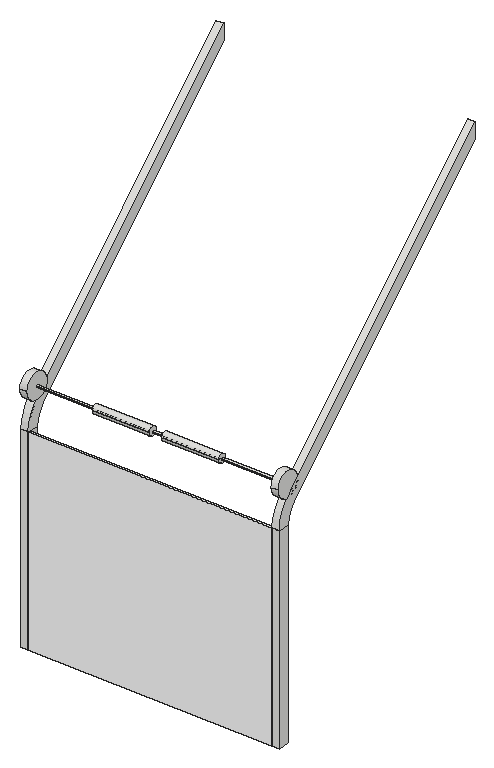
Revit family "Cruiserweight-NI-XLT-1212P", category Generic Models, host Wall, Revit 2026
Family settings
  Host = Wall
  Can host rebar = No
  Round Connector Dimension = Use Diameter
  Part Type = Normal
  Always vertical = Yes
  Cut with Voids When Loaded = Yes
  Maintain Annotation Orientation = No
  Shared = No
  Room Calculation Point = No
Parameters (values of type "10' x 8'")
  VerticalTrack = TrackHeight - (1' 6")  # 8' - 0"
  Type Comments = "Non-Insulated"  # constant formula
  TrackWidth = 0' - 3 1/2"
  TrackHeight = OpeningHeight + HeadRoom  # 9' - 6"
  TrackDepth = 0' - 5 3/8"
  PanelSize = 2' - 0"  # constant formula
  OpeningWidth = 10' - 0"
  OpeningHeight = 8' - 0"
  Model = "Cruiserweight"  # constant formula
  Manufacturer = "TKO"  # constant formula
  HorizTrack = OpeningHeight - HeadRoom + 2' 0"  # 8' - 6"
  HeadRoom = 1' - 6"  # constant formula
  DoorThk = 0' - 0 3/4"  # constant formula
  Description = "Sectional Door"  # constant formula
  Default Elevation = 0' - 0"
Types (10): name | VerticalTrack | TrackHeight | OpeningWidth | OpeningHeight | HorizTrack
  (no name) | 8' - 0" | 9' - 6" | 10' - 0" | 8' - 0" | 8' - 6"
  8' x 10' | 10' - 0" | 11' - 6" | 8' - 0" | 10' - 0" | 10' - 6"
  9' x 10' | 10' - 0" | 11' - 6" | 9' - 0" | 10' - 0" | 10' - 6"
  10' x 10' | 10' - 0" | 11' - 6" | 10' - 0" | 10' - 0" | 10' - 6"
  10' x 8' | 8' - 0" | 9' - 6" | 10' - 0" | 8' - 0" | 8' - 6"
  10' x 9' | 9' - 0" | 10' - 6" | 10' - 0" | 9' - 0" | 9' - 6"
  8' x 9' | 9' - 0" | 10' - 6" | 8' - 0" | 9' - 0" | 9' - 6"
  8' x 8' | 8' - 0" | 9' - 6" | 8' - 0" | 8' - 0" | 8' - 6"
  9' x 9' | 9' - 0" | 10' - 6" | 9' - 0" | 9' - 0" | 9' - 6"
  9' x 8' | 9' - 0" | 10' - 6" | 9' - 0" | 9' - 0" | 9' - 6"
Reference planes (in)
  plane 1: y = 0
  plane 2 "Center (Left/Right)": x = 0
  plane 3 "Wall Edge": y = 3
  plane 4: x = -60
  plane 5: x = 60
  plane 6: z = 96
  plane 7: y = 3
  plane 8: y = 3.75
  plane 9: z = 24
  plane 10: z = 48
  plane 11: z = 72
  plane 12: x = -63.5
  plane 13: x = 63.5
  plane 14: y = 8.375
  plane 15: z = 114
  plane 16: z = 96
  plane 17: z = 120
  plane 18: x = -3
  plane 19: x = 3
  plane 20: x = 31
  plane 21: x = -31
  plane 22: z = 96
  plane 23: y = 21
  plane 24: y = 123
  plane 25: y = 12
Forms (in)
  Extrusion 1, void
    sketch origin (0, 3, 0) x (1, 0, 0) y (0, 0, 1)
      loop
        line (60, 96) -> (-60, 96) -> (-60, 0) -> (60, 0) -> (60, 96)
    from 0 to 6
  Extrusion 2, solid, material "DOOR PANEL"
    sketch origin (0, 0, 0) x (1, 0, 0) y (0, 1, 0)
      loop
        line (-60, 3.75) -> (-60, 3) -> (60, 3) -> (60, 3.75) -> (-60, 3.75)
    from 0 to 96
  Extrusion 3, solid, material "Steel"
    sketch origin (0, 0, 0) x (1, 0, 0) y (0, 1, 0)
      loop
        line (-63.5, 8.375) -> (-63.5, 3) -> (-60, 3) -> (-60, 8.375) -> (-63.5, 8.375)
      loop
        line (60, 8.375) -> (60, 3) -> (63.5, 3) -> (63.5, 8.375) -> (60, 8.375)
    from 0 to 96
  Extrusion 4, solid, material "Steel"
    sketch origin (0, 0, 0) x (0, 1, 0) y (0, 0, 1)
      loop
        circle (8.375, 114) r 6
    from 60 to 63.5
  Extrusion 5, solid, material "Steel"
    sketch origin (0, -21.83768, 63.06034) x (0, 1, 0) y (0, 0, -1)
      loop
        circle (30.21268, -50.93966) r 6
    from 60 to 63.5
  Extrusion 6, solid, material "Steel"
    sketch origin (0, 0, 0) x (0, 1, 0) y (0, 0, 1)
      loop
        circle (8.375, 114) r 0.5
    from -60 to 60
  Extrusion 7, solid, material "Steel"
    sketch origin (0, 0, 0) x (0, 1, 0) y (0, 0, 1)
      loop
        circle (8.375, 114) r 2
    from 3 to 31
  Extrusion 8, solid, material "Steel"
    sketch origin (0, 0, 0) x (0, 1, 0) y (0, 0, -1)
      loop
        circle (8.375, -114) r 2
    from 3 to 31
  Extrusion 9, solid, material "Steel"
    sketch origin (0, 0, 0) x (0, 1, 0) y (0, 0, 1)
      loop
        arc (8.397, 96) -> (9.33226, 100.77859) -> (12, 104.852) r 12.6755
        line (12, 104.852) -> (123, 215.852) -> (123, 223.45404) -> (8.42432, 108.87836)
        arc (8.42432, 108.87836) -> (4.42712, 102.98283) -> (3.02178, 96) r 18.05074
        line (3.02178, 96) -> (8.397, 96)
    from 60 to 63.5
  Extrusion 10, solid, material "Steel"
    sketch origin (0, 0, 0) x (0, 1, 0) y (0, 0, -1)
      loop
        line (8.397, -96) -> (3.02178, -96)
        arc (3.02178, -96) -> (4.42712, -102.98283) -> (8.42432, -108.87836) r 18.05074
        line (8.42432, -108.87836) -> (123, -223.45404) -> (123, -215.852) -> (12, -104.852)
        arc (12, -104.852) -> (9.33226, -100.77859) -> (8.397, -96) r 12.6755
    from 60 to 63.5
Cuts and joins
  joined: Extrusion 3, Extrusion 4, Extrusion 5
Lines and regions (in)
  model lines
    curve 1: line (60, 3, 24) -> (-60, 3, 24)
    curve 2: line (-60, 3, 48) -> (60, 3, 48)
    curve 3: line (60, 3, 72) -> (-60, 3, 72)
    curve 4: line (60, 3, 96) -> (-60, 3, 96)
    curve 5: line (60, 3, 120) -> (-60, 3, 120)
Text (in)
  text "Placement Side" at (0, 40.15149, 123.01588), in view "Right"
  text "Placement Side" at (-70.3804, 83.26548, 0), in view "Ref. Level"
  text "Placement Side" at (0, 81.62555, 140.59947), in view "Left"
Dimensions and locks (in)
  locked: plane 3 "Wall Edge" to host wall
  equal spacing: plane 5, plane 2 "Center (Left/Right)", plane 4
  "OpeningWidth": plane 5 to plane 4
  "DoorThk": plane 7 to plane 8
  "TrackDepth": plane 14 to plane 7
  "TrackWidth": plane 12 to plane 4
  "TrackWidth": plane 5 to plane 13
  "PanelSize": plane 9 to level
  equal spacing: plane 17, plane 16, plane 11, plane 10, plane 9, level
  "OpeningHeight": level to plane 6
  equal spacing: plane 18, plane 2 "Center (Left/Right)", plane 19, locked at 3 each
  locked: plane 21 to plane 18 at 28
  locked: plane 19 to plane 20 at 28
  "VerticalTrack": level to plane 22
  "HeadRoom": plane 6 to plane 15
  locked: plane 7 to plane 23 at 18
  "HorizTrack": plane 24 to plane 23
  locked: plane 7 to plane 25 at 9
  radius of Extrusion 4 sketch curve = 0' - 6"
  radius of Extrusion 5 sketch curve = 0' - 6"
  radius of Extrusion 6 sketch curve = 0' - 0 1/2"
  radius of Extrusion 7 sketch curve = 0' - 2"
  radius of Extrusion 8 sketch curve = 0' - 2"
  radius of Extrusion 9 sketch curve = 1' - 6.05074"
  radius of Extrusion 9 sketch curve = 1' - 0.6755"
  radius of Extrusion 10 sketch curve = 1' - 6.05074"
  radius of Extrusion 10 sketch curve = 1' - 0.6755"
  locked: plane 22 to Extrusion 9 sketch curve (angle 45.00°)  (x2)
  aligned and locked: host wall to plane 7
  aligned and locked: Extrusion 1 sketch curve to plane 5
  aligned and locked: Extrusion 1 sketch curve to plane 4
  aligned and locked: Extrusion 1 to plane 7
  aligned and locked: host wall to Extrusion 1
  aligned and locked: Extrusion 2 to plane 3 "Wall Edge"
  aligned and locked: plane 8 to Extrusion 2
  aligned and locked: Extrusion 2 to plane 6
  aligned and locked: Extrusion 3 sketch curve to plane 14  (x2)
  aligned and locked: Extrusion 3 sketch curve to plane 12
  aligned and locked: curve 1 to Extrusion 3 sketch curve
  aligned and locked: plane 5 to Extrusion 3 sketch curve
  aligned and locked: Extrusion 3 sketch curve to plane 7
  aligned and locked: Extrusion 3 sketch curve to plane 13
  aligned and locked: plane 15 to Extrusion 4 sketch curve
  aligned and locked: Extrusion 3 to Extrusion 4 sketch curve
  aligned and locked: Extrusion 4 to plane 13
  aligned and locked: Extrusion 4 to plane 5
  aligned and locked: plane 4 to Extrusion 5
  aligned and locked: Extrusion 5 to plane 12
  aligned and locked: curve 2 to plane 10
  aligned and locked: curve 3 to plane 11
  aligned and locked: curve 1 to plane 9
  aligned and locked: cut or joined group of Extrusion 3, Extrusion 4, Extrusion 5 to Extrusion 6 sketch curve
  aligned and locked: plane 5 to Extrusion 6
  aligned and locked: Extrusion 6 to plane 4
  aligned and locked: cut or joined group of Extrusion 3, Extrusion 4, Extrusion 5 to level
  aligned and locked: Extrusion 2 to level
  aligned and locked: curve 4 to plane 16
  aligned and locked: curve 5 to plane 17
  aligned and locked: level to Extrusion 2
  aligned and locked: Extrusion 1 sketch curve to level
  aligned and locked: Extrusion 1 sketch curve to plane 6
  aligned and locked: plane 15 to Extrusion 7 sketch curve
  aligned and locked: plane 14 to Extrusion 7 sketch curve
  aligned and locked: Extrusion 7 to plane 20
  aligned and locked: plane 19 to Extrusion 7
  aligned and locked: Extrusion 8 to plane 18
  aligned and locked: plane 21 to Extrusion 8
  aligned and locked: plane 15 to Extrusion 8 sketch curve
  aligned and locked: plane 14 to Extrusion 8 sketch curve
  aligned and locked: plane 22 to cut or joined group of Extrusion 3, Extrusion 4, Extrusion 5
  aligned and locked: plane 22 to Extrusion 9 sketch curve
  aligned and locked: cut or joined group of Extrusion 3, Extrusion 4, Extrusion 5 to Extrusion 9
  aligned and locked: Extrusion 9 to plane 5
  aligned and locked: plane 13 to Extrusion 9
  aligned and locked: plane 5 to Extrusion 9  (x2)
  aligned and locked: plane 25 to Extrusion 9 sketch curve
  aligned and locked: plane 24 to Extrusion 9 sketch curve
  aligned and locked: Extrusion 9 to plane 13
  aligned and locked: plane 24 to Extrusion 10
  aligned and locked: plane 4 to Extrusion 10
  aligned and locked: Extrusion 10 to plane 12
  aligned and locked: Extrusion 10 sketch curve to Extrusion 9  (x2)
  aligned and locked: plane 15 to Extrusion 5 sketch curve
  aligned and locked: plane 14 to Extrusion 5 sketch curve
  aligned and locked: Extrusion 2 to plane 4
  aligned and locked: Extrusion 2 to plane 5
  aligned and locked: cut or joined group of Extrusion 3, Extrusion 4, Extrusion 5 to Extrusion 2
Automatic sketch dimensions
  Extrusion 2 sketch curve to host wall = 0' - 0"
  Extrusion 2 sketch curve to plane 4 = 0' - 0"
  plane 5 to Extrusion 2 sketch curve = 0' - 0"
  Extrusion 2 sketch curve to plane 8 = 0' - 0"
  curve 3 to plane 4 = 0' - 0"
  curve 1 to plane 4 = 0' - 0"
  curve 2 to plane 4 = 0' - 0"
  curve 4 to plane 4 = 0' - 0"
  curve 5 to plane 4 = 0' - 0"
  curve 4 to plane 5 = 0' - 0"
  curve 2 to plane 5 = 0' - 0"
  curve 5 to plane 5 = 0' - 0"
  curve 1 to plane 5 = 0' - 0"
  curve 3 to plane 5 = 0' - 0"
  plane 4 to Extrusion 3 sketch curve = 0' - 0"
  Extrusion 3 sketch curve to plane 13 = 0' - 0"
  Extrusion 6 sketch curve to plane 15 = 0' - 0"
  plane 14 to Extrusion 9 sketch curve = 0' - 0.04932"
  plane 14 to Extrusion 9 sketch curve = 0' - 0.022"
  host wall to Extrusion 9 sketch curve = 0' - 0.02178"
  Extrusion 10 sketch curve to plane 22 = 0' - 0"
  Extrusion 10 sketch curve to plane 25 = 0' - 0"
  plane 24 to Extrusion 10 sketch curve = 0' - 0"
  host wall to Extrusion 10 sketch curve = 0' - 0.02178"
